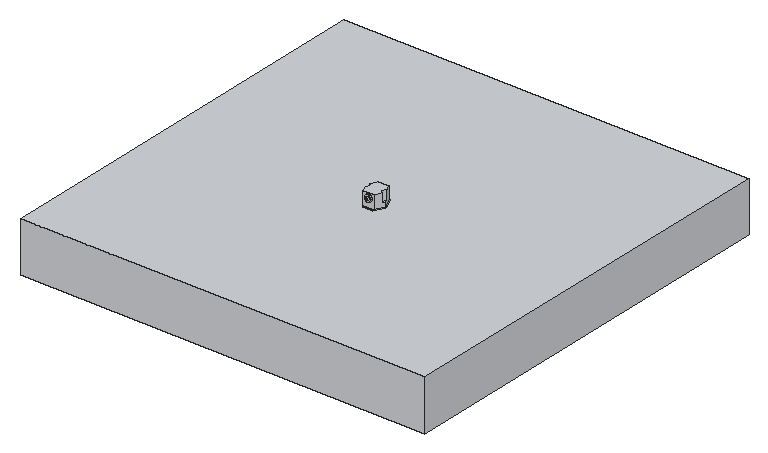
Revit family "M_Prendedor de porta do alarme de incêndio - Magnético - Montado no piso", category Dispositivos de alarme de incêndio, Revit 2019
Family settings
  Hospedeiro = Face
  Manter orientação da anotação = Sim
  Cota do conector redondo = Utilizar diâmetro
  Tipo de parte = Normal
  Número OmniClass = 23.85.30.21.11.17
  Título OmniClass = Other Components
  ID de item do Seek = Fire Alarm Door Holder - Magnetic - Floor Mounted-0000-CAN-ENU
  Corte com vazios quando carregada = Não
  Compartilhado = Não
  Ponto de cálculo do ambiente = Não
Parameters (values of type "Padrão")
  Material do prendedor de porta = none
  Elevação-padrão = 1200 mm
Reference planes
  plane 1 "Centro (Frente/Trás)": y = 0
  plane 2: z = 0
  plane 3 "Centro (Esquerda/Direita)": x = 0
  plane 4: x = 58.738
  plane 5: x = -58.737
  plane 6: z = 82.55
  plane 7: x = -57.15
  plane 8: x = 57.15
  plane 9: x = -31.75
  plane 10: x = 31.75
  plane 11: z = 3.175
  plane 12: z = 28.575
  plane 13: z = 55.562
  plane 14: y = -123.825
  plane 15: y = -117.475
  plane 16: y = -6.35
  plane 17: y = -61.913
Forms (mm)
  Extrusion 1, solid
    sketch origin (0, 0, 0) x (1, 0, 0) y (0, 1, 0)
      loop
        line (-1219.2, 1219.2) -> (-1219.2, -1219.2) -> (1219.2, -1219.2) -> (1219.2, 1219.2) -> (-1219.2, 1219.2)
    from 0 to -304.8
  Extrusion 2, solid, material <- "Material do prendedor de porta"
    sketch origin (0, 0, 0) x (1, 0, 0) y (0, 0, 1)
      loop
        circle (0, 55.562) r 19.05
    from 61.913 to 123.825
  Extrusion 3, solid, material <- "Material do prendedor de porta"
    sketch origin (0, 0, 0) x (1, 0, 0) y (0, 1, 0)
      loop
        line (-58.737, -61.913) -> (-31.75, -123.825) -> (31.75, -123.825) -> (58.737, -61.913) -> (31.75, 0) -> (-31.75, 0) -> (-58.737, -61.913)
    from 3.175 to 0
  Extrusion 4, solid, material <- "Material do prendedor de porta"
    sketch origin (0, 0, 0) x (1, 0, 0) y (0, 1, 0)
      loop
        line (-34.355, -6.35) -> (-57.15, -61.913) -> (-34.355, -117.475) -> (34.355, -117.475) -> (57.15, -61.913) -> (34.355, -6.35) -> (-34.355, -6.35)
    from 3.175 to 82.55
  Extrusion 5, void
    sketch origin (-0.36, -85.701, 0) x (1, 0, 0) y (0, 0, 1)
      loop
        circle (0.36, 55.562) r 12.7
    from 34.639 to 38.124
  Extrusion 6, void
    sketch origin (0, 0, 0) x (1, 0, 0) y (0, 1, 0)
      loop
        arc (57.15, -42.863) -> (38.1, -61.913) -> (57.15, -80.963) r 19.05
        line (57.15, -80.963) -> (57.15, -42.863)
    from 28.575 to 82.55
  Extrusion 7, void
    sketch origin (0, 0, 0) x (-1, 0, 0) y (0, -1, 0)
      loop
        line (57.15, 42.863) -> (57.15, 80.963)
        arc (57.15, 80.963) -> (38.1, 61.913) -> (57.15, 42.863) r 19.05
    from 28.575 to 82.55
Cuts and joins
  Extrusion 5, Extrusion 7 cuts Extrusion 2
  Extrusion 6, Extrusion 7 cuts Extrusion 4
  joined: Extrusion 2, Extrusion 4
Lines and regions (mm)
  symbolic lines, detail levels fine
    curve 1: line (-31.75, -123.825, 0) -> (31.75, -123.825, 0)
    curve 2: line (31.75, -123.825, 0) -> (58.737, -61.913, 0)
    curve 3: line (58.737, -61.913, 0) -> (31.75, 0, 0)
    curve 4: line (31.75, 0, 0) -> (-31.75, 0, 0)
    curve 5: line (34.355, -6.35, 0) -> (-34.355, -6.35, 0)
    curve 6: line (-57.15, -61.913, 0) -> (-34.355, -117.475, 0)
    curve 7: line (-34.355, -117.475, 0) -> (34.355, -117.475, 0)
    curve 8: line (34.355, -117.475, 0) -> (57.15, -61.913, 0)
    curve 9: arc (-49.919, -79.537, 0) -> (-38.1, -61.913, 0) -> (-49.919, -44.288, 0) r 19.05
    curve 10: arc (49.919, -44.288, 0) -> (38.1, -61.913, 0) -> (49.919, -79.537, 0) r 19.05
    curve 11: line (-19.05, -117.475, 0) -> (-19.05, -123.825, 0)
    curve 12: line (19.05, -117.475, 0) -> (19.05, -123.825, 0)
    curve 13: line (-31.75, 0, 0) -> (-58.737, -61.913, 0)
    curve 14: line (57.15, -61.913, 0) -> (34.355, -6.35, 0)
    curve 15: line (-34.355, -6.35, 0) -> (-57.15, -61.913, 0)
    curve 16: line (-58.737, -61.913, 0) -> (-31.75, -123.825, 0)
Dimensions and locks
  equal spacing: plane 4, plane 3 "Centro (Esquerda/Direita)", plane 5
  locked: plane 4 to plane 5 at 117.475
  locked: plane 6 to plane 2 at 82.55
  equal spacing: plane 7, plane 3 "Centro (Esquerda/Direita)", plane 8
  locked: plane 7 to plane 8 at 114.3
  locked: plane 11 to plane 2 at 3.175
  locked: plane 12 to plane 11 at 25.4
  equal spacing: plane 6, plane 13, plane 12
  locked: plane 14 to plane 1 "Centro (Frente/Trás)" at 123.825
  equal spacing: plane 14, plane 17, plane 1 "Centro (Frente/Trás)"
  locked: plane 16 to plane 1 "Centro (Frente/Trás)" at 6.35
  locked: plane 14 to plane 15 at 6.35
  locked: cut or joined group of Extrusion 2, Extrusion 4, Extrusion 5, Extrusion 6, Extrusion 7 to plane 14 at 3.485
  locked: curve 11 to plane 3 "Centro (Esquerda/Direita)" at 19.05
  locked: plane 3 "Centro (Esquerda/Direita)" to curve 12 at 19.05
  radius of Extrusion 2 sketch curve = 19.05 mm
  radius of Extrusion 5 sketch curve = 12.7 mm
  radius of Extrusion 6 sketch curve = 19.05 mm
  radius of Extrusion 7 sketch curve = 19.05 mm
  aligned and locked: plane 2 to Extrusion 1
  aligned and locked: level to Extrusion 1
  aligned and locked: plane 3 "Centro (Esquerda/Direita)" to Extrusion 2 sketch curve
  aligned and locked: plane 5 to Extrusion 3 sketch curve
  aligned and locked: plane 4 to Extrusion 3 sketch curve
  aligned and locked: plane 8 to Extrusion 4 sketch curve
  aligned and locked: plane 6 to Extrusion 4
  aligned and locked: plane 10 to Extrusion 3 sketch curve  (x2)
  aligned and locked: plane 11 to Extrusion 3
  aligned and locked: Extrusion 3 to plane 2
  aligned and locked: Extrusion 4 to plane 11
  aligned and locked: Extrusion 4 to plane 6
  aligned and locked: plane 13 to Extrusion 2 sketch curve
  aligned and locked: plane 13 to Extrusion 5 sketch curve
  aligned: plane 3 "Centro (Esquerda/Direita)" to Extrusion 5 sketch curve
  aligned and locked: plane 8 to Extrusion 6 sketch curve  (x2)
  aligned and locked: Extrusion 6 to plane 12
  aligned and locked: plane 6 to Extrusion 6
  aligned and locked: plane 7 to Extrusion 7 sketch curve
  aligned and locked: Extrusion 7 to plane 12
  aligned and locked: plane 6 to Extrusion 7
  aligned and locked: plane 9 to Extrusion 3 sketch curve  (x2)
  aligned and locked: plane 14 to Extrusion 3 sketch curve  (x2)
  aligned and locked: plane 17 to Extrusion 3 sketch curve  (x2)
  aligned and locked: plane 1 "Centro (Frente/Trás)" to Extrusion 3 sketch curve  (x2)
  aligned and locked: plane 16 to Extrusion 4 sketch curve
  aligned and locked: plane 15 to Extrusion 4 sketch curve
  aligned and locked: plane 17 to Extrusion 4 sketch curve  (x2)
  aligned and locked: plane 7 to Extrusion 4 sketch curve
  aligned: cut or joined group of Extrusion 2, Extrusion 4, Extrusion 5, Extrusion 6, Extrusion 7 to plane 1 "Centro (Frente/Trás)"
  aligned and locked: plane 14 to cut or joined group of Extrusion 2, Extrusion 4, Extrusion 5, Extrusion 6, Extrusion 7
  aligned and locked: plane 17 to Extrusion 7 sketch curve
  aligned and locked: plane 17 to Extrusion 6 sketch curve
  aligned and locked: plane 3 "Centro (Esquerda/Direita)" to Extrusion 5 sketch curve
  aligned and locked: Extrusion 2 to Extrusion 5
  aligned and locked: plane 1 "Centro (Frente/Trás)" to nested 1
  aligned and locked: plane 3 "Centro (Esquerda/Direita)" to nested 1
  aligned and locked: curve 1 to Extrusion 3
  aligned and locked: curve 2 to Extrusion 3
  aligned and locked: curve 3 to Extrusion 3
  aligned and locked: curve 4 to Extrusion 3
  aligned and locked: curve 5 to cut or joined group of Extrusion 2, Extrusion 4, Extrusion 5, Extrusion 6, Extrusion 7
  aligned and locked: curve 6 to cut or joined group of Extrusion 2, Extrusion 4, Extrusion 5, Extrusion 6, Extrusion 7
  aligned and locked: curve 7 to cut or joined group of Extrusion 2, Extrusion 4, Extrusion 5, Extrusion 6, Extrusion 7
  aligned and locked: curve 8 to cut or joined group of Extrusion 2, Extrusion 4, Extrusion 5, Extrusion 6, Extrusion 7
  aligned and locked: curve 9 to cut or joined group of Extrusion 2, Extrusion 4, Extrusion 5, Extrusion 6, Extrusion 7
  aligned and locked: curve 10 to cut or joined group of Extrusion 2, Extrusion 4, Extrusion 5, Extrusion 6, Extrusion 7
  aligned and locked: plane 15 to curve 11
  aligned and locked: plane 14 to curve 11
  aligned and locked: curve 13 to Extrusion 3
  aligned and locked: curve 14 to cut or joined group of Extrusion 2, Extrusion 4, Extrusion 5, Extrusion 6, Extrusion 7
  aligned and locked: curve 15 to cut or joined group of Extrusion 2, Extrusion 4, Extrusion 5, Extrusion 6, Extrusion 7
  aligned and locked: curve 16 to Extrusion 3
  aligned and locked: cut or joined group of Extrusion 2, Extrusion 4, Extrusion 5, Extrusion 6, Extrusion 7 to plane 17
Automatic sketch dimensions
  Extrusion 1 sketch curve to Extrusion 1 sketch curve = 2438.4 mm  (x2)
  Extrusion 4 sketch curve to plane 9 = 2.605 mm  (x2)
  Extrusion 4 sketch curve to plane 10 = 2.605 mm  (x2)
  Extrusion 7 sketch curve to plane 7 = 0 mm
Nested families
  nested 1: "M_Prendedor de porta do alarme de incêndio - Magnético - Anotação montada no piso" at (0, 0, 0), type "Prendedor de porta do alarme de incêndio - Magnético - Anotação montada no piso", detail levels coarse+medium
Connectors
  electrical at (0, -61.913, 0)
    settings: on Extrusion 3, index 1, voltage 0 V, apparent load 0 VA, apparent load phase1 0 VA, apparent load phase2 0 VA, apparent load phase3 0 VA, power factor 1, load classification "Outros", number of poles 1, system type 11, power factor state 1, is connector primary yes, connector utility no, sub classification motor no, connector description ""
Definition of nested family "M_Prendedor de porta do alarme de incêndio - Magnético - Anotação montada no piso"
  Parameters
    Anotação de legenda = "M"
  Reference planes
    plane 1: y = 0
    plane 2: x = 0
  Lines and regions (mm)
    reference lines
      curve 1: line (-2.381, 3.811, 0) -> (-2.381, -8.324, 0)
      curve 2: line (2.381, 5.375, 0) -> (2.381, -9.075, 0)
    detail lines
      curve 3: line (-2.381, 0, 0) -> (2.381, 0, 0)
      curve 4: line (-2.381, -4.763, 0) -> (-2.381, 0, 0)
      curve 5: line (2.381, -4.763, 0) -> (-2.381, -4.763, 0)
      curve 6: line (2.381, 0, 0) -> (2.381, -4.763, 0)
  Text (mm)
    label "M" at (-1.361, -2.384, 0), shows "Anotação de legenda"
  Dimensions and locks
    locked: curve 1 to plane 2 at 2.381
    locked: plane 2 to curve 2 at 2.381
    locked: plane 1 to curve 5 at 4.763
    aligned and locked: curve 4 to curve 1
    aligned and locked: curve 2 to curve 6
    aligned and locked: plane 1 to curve 3
